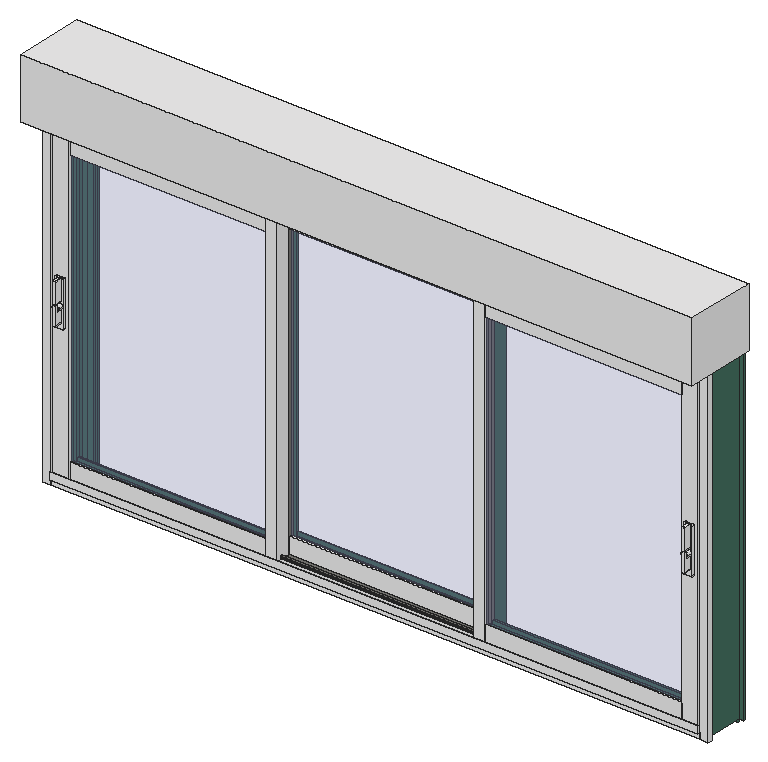
Revit family "K-LINE COULISSANT NEUF-KLBC2R-3V - Bloc Baie VR", category Fenêtres, Revit 2017 (continued)
Definition of nested family "Ouvrant KLBC-3V"
  Dimensions and locks
    aligned and locked: nested 9 to plane 1 "Centre (avant/arrière)"
    aligned and locked: plane 3 "Centre (gauche/droite)" to nested 9
  Automatic sketch dimensions
    curve 6 to plane 37 = 0.00 mm
    curve 6 to plane 30 = 100.00 mm
    plane 30 to curve 8 = 100.00 mm
    plane 37 to curve 5 = 10.353 mm
    curve 4 to curve 5 = 38.637 mm
    curve 6 to plane 37 = 10.353 mm
    curve 6 to curve 5 = 0.00 mm
    plane 37 to curve 7 = 10.353 mm
    curve 7 to curve 7 = 38.637 mm
    curve 8 to plane 37 = 10.353 mm
    curve 8 to curve 7 = 0.00 mm
    curve 15 to plane 20 = 0.00 mm
    curve 13 to plane 30 = 100.00 mm
    curve 9 to plane 20 = 16.905 mm
    curve 1 to curve 9 = 36.252 mm
    plane 20 to curve 10 = 16.905 mm
    curve 9 to curve 10 = 0.00 mm
    curve 2 to plane 20 = 16.905 mm
    plane 30 to curve 2 = 63.748 mm
    curve 2 to curve 13 = 36.252 mm
    plane 20 to curve 15 = 16.905 mm
    curve 2 to curve 15 = 0.00 mm
  Nested families
    nested 1: "Vitrage" at (-371.167, 0, 48), Width <- "Lg vitrage", Height <- "Ht vitrage", type "Vitrage"
      with Width 692.333 mm, Height 2047.00 mm
    nested 2: "Détail 2D - KLBC - Profil ouvrant" at (0, 0, 2081) x (0, 1, 0) z (1, 0, 0), type "Détail 2D - KLBC - Profil ouvrant"
      with Traverse yes, Pf vitrage 14.00 mm, Lg 40.00 mm, Ht 62.00 mm
    nested 3: "Détail 2D - KLBC - Profil ouvrant" at (0, 0, 62) x (0, 1, 0) z (1, 0, 0), type "Détail 2D - KLBC - Profil ouvrant"
      with Traverse yes, Pf vitrage 14.00 mm, Lg 40.00 mm, Ht 62.00 mm
    nested 4: "Détail 2D - KLBC - Montant central" at (-742.333, 0, 0), type "Détail 2D - KLBC - Montant central"
      with Profondeur 7.75 mm, Porte fenêtre no
    nested 5: "Traverse intermédiaire" at (-371.167, 0, 431) x (-1, 0, 0) z (0, 0, 1), visible <- "1 traverse", type "Traverse intermédiaire"
      with Longueur 662.333 mm
    nested 6: "Traverse intermédiaire" at (-371.167, 0, 726.667) x (-1, 0, 0) z (0, 0, 1), visible <- "2 traverses", type "Traverse intermédiaire"
      with Longueur 662.333 mm
    nested 7: "Traverse intermédiaire" at (-371.167, 0, 1416.333) x (-1, 0, 0) z (0, 0, 1), visible <- "2 traverses", type "Traverse intermédiaire"
      with Longueur 662.333 mm
    nested 8: "Traverse intermédiaire" at (-371.167, 0, 2106) x (-1, 0, 0) z (0, 0, 1), visible <- "3 traverses", type "Traverse intermédiaire"
      with Longueur 662.333 mm
    nested 9: "Détail 2D - KLBC - Montant central" at (0, 0, 0) x (-1, 0, 0) z (0, 0, 1), type "Détail 2D - KLBC - Montant central"
      with Profondeur 7.75 mm, Porte fenêtre no
  Definition of nested family "Vitrage"
    Parameters
      Width [instance] = 823.00 mm
      K.LINE Verre = none
      Height [instance] = 1344.00 mm
      Ep verre Int = 4.00 mm
      Ep verre Ext = 4.00 mm
      Ep Vitrage = 28.00 mm
      Analytic Construction = "<Aucun>"
    Reference planes
      plane 1 "Centre (avant/arrière)": y = 0
      plane 2: z = 0
      plane 3 "Centre (gauche/droite)": x = 0
      plane 4: x = -411.5
      plane 5: x = 411.5
      plane 6: y = 14
      plane 7: y = -14
      plane 8: y = 10
      plane 9: y = -10
      plane 10: z = 1344
      plane 11: x = -401.5
      plane 12: x = 401.5
      plane 13: z = 10
      plane 14: z = 1334
    Forms (mm)
      Extrusion 1, solid, material <- "K.LINE Verre"
        sketch origin (0, 0, 0) x (1, 0, 0) y (0, 1, 0)
          loop
            line (-411.5, 14) -> (-411.5, -14) -> (411.5, -14) -> (411.5, 14) -> (-411.5, 14)
        from 0 to 1344
    Lines and regions (mm)
      symbolic lines, detail levels medium+fine
        curve 1: line (-411.5, 14, 0) -> (411.5, 14, 0)
        curve 2: line (-411.5, -14, 0) -> (-411.5, 14, 0)
        curve 3: line (411.5, -14, 0) -> (-411.5, -14, 0)
        curve 4: line (411.5, 14, 0) -> (411.5, -14, 0)
        curve 10: line (0, -14, 0) -> (0, 14, 0)
        curve 11: line (0, -14, 1344) -> (0, -14, 0)
        curve 12: line (0, 14, 1344) -> (0, -14, 1344)
        curve 13: line (0, 14, 0) -> (0, 14, 1344)
      symbolic lines, detail levels coarse
        curve 5: line (-411.5, 0, 0) -> (411.5, 0, 0)
        curve 15: line (0, 0, 0) -> (0, 0, 1344)
      symbolic lines, detail levels fine
        curve 6: line (411.5, -10, 0) -> (-411.5, -10, 0)
        curve 7: line (411.5, 10, 0) -> (-411.5, 10, 0)
        curve 8: line (-401.5, 10, 0) -> (-401.5, -10, 0)
        curve 9: line (401.5, 10, 0) -> (401.5, -10, 0)
        curve 14: line (0, 10, 0) -> (0, 10, 1344)
        curve 16: line (0, -10, 0) -> (0, -10, 1344)
        curve 17: line (0, 10, 1334) -> (0, -10, 1334)
        curve 18: line (0, 10, 10) -> (0, -10, 10)
    Dimensions and locks
      equal spacing: plane 4, plane 3 "Centre (gauche/droite)", plane 5
      equal spacing: plane 6, plane 1 "Centre (avant/arrière)", plane 7
      "Width": plane 4 to plane 5
      "Ep Vitrage": plane 6 to plane 7
      "Ep verre Ext": plane 6 to plane 8
      "Ep verre Int": plane 9 to plane 7
      "Height": plane 2 to plane 10
      plane 4 to plane 11 = 10.00 mm
      locked: plane 12 to plane 5 at 10
      locked: plane 14 to plane 10 at 10
      locked: plane 13 to plane 2 at 10
      aligned and locked: level to plane 2
      aligned and locked: Extrusion 1 sketch curve to plane 6
      aligned and locked: plane 4 to Extrusion 1 sketch curve
      aligned and locked: Extrusion 1 sketch curve to plane 7
      aligned and locked: Extrusion 1 sketch curve to plane 5
      aligned and locked: Extrusion 1 to plane 10
      aligned and locked: Extrusion 1 to plane 2
      aligned and locked: plane 4 to curve 2
      aligned and locked: curve 4 to plane 5
      aligned and locked: curve 1 to plane 6
      aligned and locked: plane 1 "Centre (avant/arrière)" to curve 5
      aligned and locked: curve 3 to plane 7
      aligned and locked: plane 8 to curve 7
      aligned and locked: curve 6 to plane 9
      aligned and locked: curve 8 to plane 11
      aligned and locked: plane 12 to curve 9
      aligned and locked: plane 2 to curve 10
      aligned and locked: plane 10 to curve 12
      aligned and locked: curve 11 to plane 7
      aligned and locked: plane 9 to curve 16
      aligned and locked: plane 1 "Centre (avant/arrière)" to curve 15
      aligned and locked: curve 14 to plane 8
      aligned and locked: curve 13 to plane 6
      aligned and locked: curve 17 to plane 14
      aligned and locked: curve 18 to plane 13
  Definition of nested family "Traverse intermédiaire"
    Parameters
      Longueur = 1520.00 mm
      Couleur int = none
      Couleur ext = none
    Reference planes
      plane 1 "Centre (avant/arrière)": y = 0
      plane 2: z = 0
      plane 3 "Centre (gauche/droite)": x = 0
      plane 4: y = 20
      plane 5: y = -20
      plane 6: y = 14
      plane 7: y = -14
      plane 8: x = -760
      plane 9: x = 760
      plane 10: z = 25
      plane 11: z = -25
      plane 12: z = 11
      plane 13: z = -11
    Forms (mm)
      Extrusion 1, solid, material <- "Couleur int"
        sketch origin (0, 0, 0) x (0, 1, 0) y (0, 0, 1)
          loop
            line (-20, 25) -> (-20, -25) -> (-14, -25) -> (-14, -11) -> (0, -11) -> (0, 11) -> (-14, 11) -> (-14, 25) -> (-20, 25)
        from -760 to 760
      Extrusion 2, solid, material <- "Couleur ext"
        sketch origin (0, 0, 0) x (0, -1, 0) y (0, 0, -1)
          loop
            line (-20, -25) -> (-14, -25) -> (-14, -11) -> (0, -11) -> (0, 11) -> (-14, 11) -> (-14, 25) -> (-20, 25) -> (-20, -25)
        from -760 to 760
    Dimensions and locks
      locked: plane 4 to plane 1 "Centre (avant/arrière)" at 20
      locked: plane 5 to plane 1 "Centre (avant/arrière)" at 20
      locked: plane 6 to plane 4 at 6
      locked: plane 7 to plane 5 at 6
      equal spacing: plane 8, plane 3 "Centre (gauche/droite)", plane 9
      "Longueur": plane 8 to plane 9
      locked: plane 10 to plane 2 at 25
      locked: plane 11 to level at 25
      locked: plane 10 to plane 12 at 14
      locked: plane 11 to plane 13 at 14
      aligned and locked: level to plane 2
      aligned and locked: plane 10 to Extrusion 1 sketch curve
      aligned and locked: Extrusion 1 sketch curve to plane 12
      aligned and locked: Extrusion 1 sketch curve to plane 13
      aligned and locked: plane 11 to Extrusion 1 sketch curve
      aligned and locked: plane 5 to Extrusion 1 sketch curve
      aligned and locked: Extrusion 1 sketch curve to plane 7  (x2)
      aligned and locked: plane 1 "Centre (avant/arrière)" to Extrusion 1 sketch curve
      aligned and locked: plane 1 "Centre (avant/arrière)" to Extrusion 2 sketch curve
      aligned and locked: plane 6 to Extrusion 2 sketch curve  (x2)
      aligned and locked: Extrusion 2 sketch curve to plane 4
      aligned and locked: Extrusion 2 sketch curve to plane 10
      aligned and locked: plane 12 to Extrusion 2 sketch curve
      aligned and locked: Extrusion 2 sketch curve to plane 11
      aligned and locked: plane 13 to Extrusion 2 sketch curve
      aligned and locked: plane 9 to Extrusion 2
      aligned and locked: plane 9 to Extrusion 1
      aligned and locked: Extrusion 1 to plane 8
      aligned and locked: Extrusion 2 to plane 8
  Definition of nested family "Détail 2D - KLBC - Profil ouvrant"
    Parameters
      Traverse [instance] = no
      Pf vitrage [instance] = if(Traverse, 14.00 mm, 15.00 mm)  # 15.00 mm
      Lg [instance] = if(Traverse, 40.00 mm, 43.50 mm)  # 43.50 mm
      Ht [instance] = if(Traverse, 62.00 mm, 62.50 mm)  # 62.50 mm
    Reference planes
      plane 1 "Centre (avant/arrière)": y = 0
      plane 2: z = 0
      plane 3 "Centre (gauche/droite)": x = 0
      plane 4: x = -21.75
      plane 5: x = 21.75
      plane 6: y = 62.5
      plane 7: x = -14
      plane 8: x = 14
      plane 9: x = -8
      plane 10: x = 8
      plane 11: y = 49.5
      plane 12: y = 15
    Lines and regions (mm)
      Filled region 1, type "Uni - Gris", in view "Niveau de réf.", detail levels medium+fine
        outline origin (0, 0, 0) x (1, 0, 0) y (0, 1, 0)
          loop
            line (-21.75, 62.5) -> (-21.75, 0) -> (-14, 0) -> (-14, 15) -> (14, 15) -> (14, 0) -> (21.75, 0) -> (21.75, 62.5) -> (8, 62.5) -> (8, 49.5) -> (-8, 49.5) -> (-8, 62.5) -> (-21.75, 62.5)
      Filled region 2, type "Uni - blanc", in view "Niveau de réf.", detail levels coarse
        outline origin (0, 0, 0) x (1, 0, 0) y (0, 1, 0)
          loop
            line (-21.75, 62.5) -> (-21.75, 0) -> (21.75, 0) -> (21.75, 62.5) -> (-21.75, 62.5)
    Dimensions and locks
      equal spacing: plane 4, plane 3 "Centre (gauche/droite)", plane 5
      "Lg": plane 4 to plane 5
      "Ht": plane 6 to plane 1 "Centre (avant/arrière)"
      locked: plane 7 to plane 3 "Centre (gauche/droite)" at 14
      locked: plane 8 to plane 3 "Centre (gauche/droite)" at 14
      locked: plane 9 to plane 3 "Centre (gauche/droite)" at 8
      locked: plane 10 to plane 3 "Centre (gauche/droite)" at 8
      locked: plane 6 to plane 11 at 13
      "Pf vitrage": plane 12 to plane 1 "Centre (avant/arrière)"
      aligned and locked: Filled region 1 sketch curve to plane 6  (x2)
      aligned and locked: Filled region 1 sketch curve to plane 10
      aligned and locked: Filled region 1 sketch curve to plane 9
      aligned and locked: Filled region 1 sketch curve to plane 11
      aligned and locked: Filled region 1 sketch curve to plane 5
      aligned and locked: plane 4 to Filled region 1 sketch curve
      aligned and locked: plane 12 to Filled region 1 sketch curve
      aligned and locked: Filled region 1 sketch curve to plane 8
      aligned and locked: Filled region 1 sketch curve to plane 1 "Centre (avant/arrière)"  (x2)
      aligned and locked: Filled region 1 sketch curve to plane 7
      aligned and locked: Filled region 2 sketch curve to plane 6
      aligned and locked: Filled region 2 sketch curve to plane 5
      aligned and locked: plane 4 to Filled region 2 sketch curve
      aligned and locked: Filled region 2 sketch curve to plane 1 "Centre (avant/arrière)"
  Definition of nested family "Détail 2D - KLBC - Montant central"
    Parameters
      Porte fenêtre [instance] = yes
      Profondeur [instance] = if(Porte fenêtre, 39.75 mm, 7.75 mm)  # 39.75 mm
    Reference planes
      plane 1 "Centre (avant/arrière)": y = 0
      plane 2: z = 0
      plane 3 "Centre (gauche/droite)": x = 0
      plane 4: y = 14
      plane 5: y = -14
      plane 6: y = -53.75
      plane 7: y = 28.25
      plane 8: y = 21.75
      plane 9: x = 20
      plane 10: x = 40
      plane 11: x = 25
    Lines and regions (mm)
      Filled region 1, type "Uni - Gris", in view "Niveau de réf.", detail levels medium+fine
        outline origin (0, 0, 0) x (1, 0, 0) y (0, 1, 0)
          loop
            line (20, 28.25) -> (0, 28.25) -> (0, -53.75) -> (40, -53.75) -> (40, -14) -> (25, -14) -> (25, 14) -> (40, 14) -> (40, 21.75) -> (20, 21.75) -> (20, 28.25)
      Filled region 2, type "Uni - blanc", in view "Niveau de réf.", detail levels coarse
        outline origin (0, 0, 0) x (1, 0, 0) y (0, 1, 0)
          loop
            line (0, 21.75) -> (0, -53.75) -> (40, -53.75) -> (40, 21.75) -> (0, 21.75)
    Dimensions and locks
      locked: plane 4 to plane 1 "Centre (avant/arrière)" at 14
      locked: plane 5 to plane 1 "Centre (avant/arrière)" at 14
      "Profondeur": plane 6 to plane 5
      locked: plane 8 to plane 4 at 7.75
      locked: plane 9 to plane 3 "Centre (gauche/droite)" at 20
      locked: plane 10 to plane 9 at 20
      locked: plane 11 to plane 10 at 15
      locked: plane 7 to plane 1 "Centre (avant/arrière)" at 28.25
      aligned and locked: Filled region 1 sketch curve to plane 7
      aligned and locked: Filled region 1 sketch curve to plane 9
      aligned and locked: Filled region 1 sketch curve to plane 8
      aligned and locked: Filled region 1 sketch curve to plane 10  (x2)
      aligned and locked: Filled region 1 sketch curve to plane 4
      aligned and locked: Filled region 1 sketch curve to plane 5
      aligned and locked: Filled region 1 sketch curve to plane 6
      aligned and locked: plane 3 "Centre (gauche/droite)" to Filled region 1 sketch curve
      aligned and locked: plane 11 to Filled region 1
      aligned and locked: plane 3 "Centre (gauche/droite)" to Filled region 2 sketch curve
      aligned and locked: Filled region 2 sketch curve to plane 10
      aligned and locked: Filled region 2 sketch curve to plane 6
      aligned and locked: Filled region 2 sketch curve to plane 8
    Automatic sketch dimensions
      Filled region 1 sketch curve to plane 11 = 0.00 mm
Definition of nested family "Texte Hors abaques"
  Parameters
    Largeur = "800 < Largeur < 1100"
    Hors abaques = "HORS ABAQUES"
    Hauteur = "2050 < Hauteur < 2350"
    Attention = "!"
  Reference planes
    plane 1: y = 0
    plane 2: x = 0
  Lines and regions (mm)
    Filled region 1, type "Filled region 1"
      outline origin (0, -0.352, 0) x (1, 0, 0) y (0, 1, 0)
        loop
          line (0, 1.813) -> (-1.453, 0.361) -> (-0.004, -1.088) -> (1.449, 0.364) -> (0, 1.813)
  Text (mm)
    label "!" at (0.005, -0.025, 0), shows "Attention"
    label "HORS ABAQUES\n\nMini < Largeur < Maxi\n\nMini < Hauteur < Maxi" at (0.005, -4.005, 0), shows "Hors abaques", "Largeur", "Hauteur"
